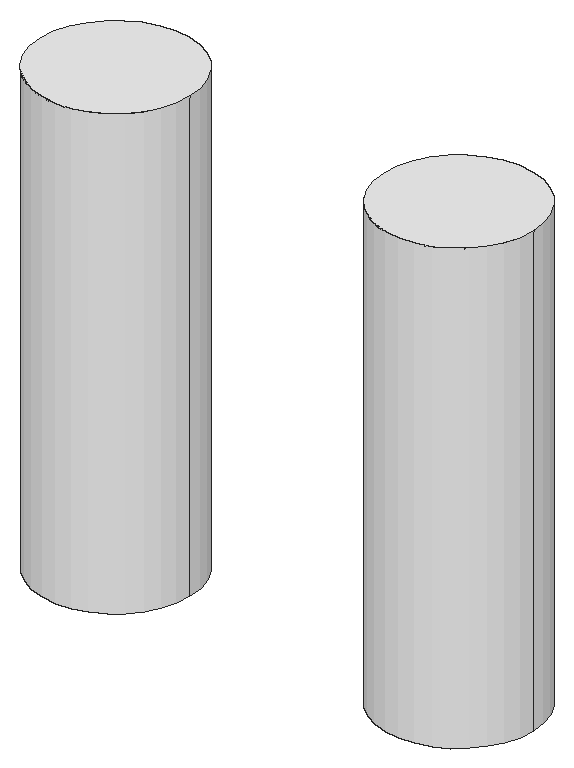
Revit family "45022283", category Plumbing Fixtures, Revit 2020
Family settings
  Round Connector Dimension = Use Diameter
  Part Type = Normal
  OmniClass Number = 23.45.55.00
  OmniClass Title = Sanitary Faucets, Wastes
  Work Plane-Based = No
  Always vertical = Yes
  Cut with Voids When Loaded = No
  Shared = No
  Room Calculation Point = No
Parameters (values of type "45022283 Washbasin faucet")
  Working Pressure = "50 - 1000 kPa"
  WarrantyStartDate [instance] = "n/a"
  WarrantyGuarantorParts = "n/a"
  WarrantyGuarantorLabor = "n/a"
  WarrantyDurationUnit = "Year"
  WarrantyDurationParts = "n/a"
  WarrantyDurationLabor = "n/a"
  WarrantyDescription = "http://warranty.hansa.com"
  Warranty Information URL = "http://warranty.hansa.com"
  VersionDate = "01/06/2023"
  Version = "1"
  ValvePattern = "n/a"
  ValveOperation = "n/a"
  ValveMechanism = "n/a"
  Uniclass2015Reference = "Pr_40_20_87_96"
  Uniclass2015Description = "Washbasin manual water supply sets"
  Uniclass2 = "Pr_40_30_96_96"
  URL UWL = "http://static.hansa.com/UWL/45022283"
  URL REACH = "http://static.hansa.com/doc/reach"
  URL Materials Declaration = "http://www.hansa.com/fileadmin/resources/182271_45022283_materialsdeclaration.pdf"
  URL Environmental Product Declaration EPD = "http://www.hansa.com/fileadmin/resources/184523_EPD_Washbasin faucet.pdf"
  URL EcoLabel Declaration = "http://static.hansa.com/doc/EcoLabel"
  URL EU Packaging Declaration = "http://static.hansa.com/doc/packaging"
  URL Declaration of SCIP = "http://static.hansa.com/doc/SCIP"
  URL Declaration of Conformity = "http://static.hansa.com/DoC/45022283"
  URL Declaration of Asbestos = "http://static.hansa.com/doc/asbestos"
  URL Declaration Of Performance (DOP) = "http://static.hansa.com/doc/DoP"
  URL ABP = "http://static.hansa.com/ABP/45022283"
  URL = ""
  UNSPSC Class Number = "30181700 Faucets or taps"
  TestPressure = "n/a"
  Temperature Adjustments = "Limitation option for maximum temperature and flow-rate ;Adjustable hot water stop (included, retrofittable)"
  Temperature = "Temperature limiter"
  Technical DataSheet URL = "http://www.hansa.com/datasheet/45022283/en"
  TagNumber [instance] = "n/a"
  SustainabilityPerformance = "n/a"
  Surface treatment = "Chrome"
  Spout Type = "Fixed spout"
  Spout Projection = "115 mm"
  Spare-Part Information URL = "http://static.hansa.com/sp/45022283"
  Size = "50x155x165 mm"
  Shape = "Sculptured"
  SerialNumber [instance] = "n/a"
  Sales Package dimensions (LxWxH) = "380 x 180 x 74"
  Revision = "n/a"
  ReplacementCost = "n/a"
  ProductInformation = "n/a"
  Product URL = "http://static.hansa.com/45022283"
  Product Image URL = "http://static.hansa.com/image/45022283"
  Product Family = "HANSAPINTO XL"
  Product Code = "45022283"
  OperatingMechanismMaterial = "n/a"
  NominalWidth = 50 mm
  NominalHeight = 165.5 mm
  NominalDepth = 152.5 mm
  Noise Class = "I (ISO 3822)"
  Name_en = "45022283 Washbasin faucet"
  Name = "45022283 Washbasin faucet"
  NBSReference = "45-35-70/371"
  NBSDescription = "Water supply fittings for wash basins and troughs"
  Mounting Holes = "1 hole"
  ModelReference = "45022283"
  ModelNumber = "n/a"
  Model = "45022283 Washbasin faucet"
  Mobile Product Information URL = "http://mpi.hansa.com/45022283"
  Mechanical Parts = "ø 40 mm ceramic cartridge for flow and temperature control"
  Max. Hot Water Supply = 70 °C
  Material = "Brass"
  Market = "Austria;Belgium;Czech Republic;Germany;Spain;France;International;Italy;Netherlands;Slovakia"
  ManufacturerURL = "http://www.hansa.com"
  ManufacturerName = "HANSA"
  Manufacturer = "HANSA"
  Lever Handle = "Hot/Cold symbols;Single operating lever/handle"
  Interactive AR View URL = "https://static.hansa.com/AR/45022283"
  InstallationDate [instance] = "n/a"
  Installation and Maintenance Guide URL = "http://static.hansa.com/manual/45022283"
  Installation Type = "Deck mounted"
  InletConnectionSize = 10 mm
  IfcExportType = "FAUCET"  # constant formula
  IfcExportAs = "IfcValveType"  # constant formula
  Group = "Washbasin faucet"
  Grade = "n/a"
  FlowCoefficient = 0
  Flow Rate At 300kPa With Flow Controller = 0.1 L/s
  Flow Drawing URL = "http://static.hansa.com/flowchart/45022283"
  Finish = "Polished"
  Features = "Single-lever"
  FaucetMainMaterial = Brass
  FDV Document URL = "http://www.hansa.com/datasheet/45022283/en/fdv"
  ExpectedLife = "n/a"
  Excluded Items = "Without pop-up waste;Without draw-rod opening"
  ETIM Class Number = "EC011328 Washbasin mixing tap"
  EN Standard = "EN 817"
  EAN Number = "4057304003073"
  DurationUnit = "Year"
  Dimension Drawing URL = "http://static.hansa.com/dimdrw/45022283"
  Description = ""
  DefaultElevation [instance] = 900 mm
  Default Elevation = 0 mm
  Constituents = "n/a"
  Connection Size = "G3/8"
  Connection = "Flexible inlet pipes"
  Color = "Chrome"
  CodePerformance = "n/a"
  CloseOffRating = 0
  Category = "Washbasin"
  Catalog Drawing URL = "http://static.hansa.com/catdrw/45022283"
  CO2 Emissions (D) = -5.3
  CO2 Emissions (C4) = 0.06
  CO2 Emissions (C3) = 0.02
  CO2 Emissions (C2) = 0.01
  CO2 Emissions (B7) = 1854
  CO2 Emissions (A4) = 0.21
  CO2 Emissions (A1-A3) = 7.46
  Brand = "HANSA"
  BodyMaterial = "Brass"
  Barcode [instance] = "n/a"
  Backflow Prevention EN1717 = "AA"
  BIMObjectName = "45022283"
  Author = "BIMStone"
  AssetType = "Fixed"
  AssetIdentifier [instance] = "n/a"
  Approval ABP = "P-IX 29684/IA"
  Ambience photo = "http://static.hansa.com/ambience/45022283"
  Aerator = "PCA® - constant flow rate regardless of pressure variations;Standard aerator"
  Advanced Features = "3S-installation system for safe and simple mounting;Inner body made of DZR brass"
  Additional Features = "grease without Silicon"
  AccessibilityPerformance = "n/a"
  3D View = "https://static.hansa.com/AR/45022283"
  2D/3D/BIM Files URL = "http://static.hansa.com/bim/45022283"
Reference planes
  plane 1 "Center (Front/Back)": y = 0
  plane 2: z = 0
  plane 3 "Center (Left/Right)": x = 0
  plane 4: x = -25
  plane 5: z = 900
  plane 6: z = 870
  plane 7: y = -152.5
  plane 8: x = 25
  plane 9: z = 1065.5
Forms (mm)
  Extrusion 1, solid, material "Brass" <- "FaucetMainMaterial"
    sketch origin (-44.989, 11.178, 0) x (1, 0, 0) y (0, 1, 0)
      loop
        circle (33.489, -36) r 5
      loop
        circle (56.489, -36) r 5
    from 870 to 900
Dimensions and locks
  "DefaultElevation": plane 5 to level
  locked: plane 5 to plane 6 at 30
  "NominalDepth": plane 7 to plane 1 "Center (Front/Back)"
  "NominalHeight": plane 9 to plane 5
  equal spacing: plane 4, plane 3 "Center (Left/Right)", plane 8
  "NominalWidth": plane 4 to plane 8
  "InletConnectionSize": diameter of Extrusion 1 sketch curve  (x2)
  aligned and locked: level to plane 2
  aligned and locked: plane 5 to Extrusion 1
  aligned and locked: Extrusion 1 to plane 6
  aligned and locked: nested 2 to plane 5
Automatic sketch dimensions
  Extrusion 1 sketch curve to plane 3 "Center (Left/Right)" = 11.5 mm
  plane 3 "Center (Left/Right)" to Extrusion 1 sketch curve = 11.5 mm
  plane 1 "Center (Front/Back)" to Extrusion 1 sketch curve = 24.822 mm  (x2)
Nested families
  nested 1: "Symbol" at (0, 0, 0), type "Symbol", detail levels coarse
  nested 2: "45022283_p" at (0, 0, 900), Material <- "FaucetMainMaterial", type "45022283_p"
    with Material Brass
Connectors
  piping at (-11.5, -24.822, 870), diameter 10, driven by "InletConnectionSize"
    settings: on Extrusion 1, index 1, connector inside diameter 609.6 mm, connector length 0 mm, flow factor 0, pipe flow 0.1 L/s, pressure drop 0.0 Pa, fitting loss kfactor 0, connector angle 0.00°, fixture units 0, engagement length 0 mm, angle of deflection 0.00°, flow configuration 1, flow direction 1, fitting loss method 0, system type 19, joint type 0, gender type 0, connector reference index -1, connector utility 0, adjustable connector no, is connector primary yes, connector description ""
  piping at (11.5, -24.822, 870), diameter 10, driven by "InletConnectionSize"
    settings: on Extrusion 1, index 2, connector inside diameter 609.6 mm, connector length 0 mm, flow factor 0, pipe flow 0.1 L/s, pressure drop 0.0 Pa, fitting loss kfactor 0, connector angle 0.00°, fixture units 0, engagement length 0 mm, angle of deflection 0.00°, flow configuration 1, flow direction 1, fitting loss method 0, system type 20, joint type 0, gender type 0, connector reference index -1, connector utility 0, adjustable connector no, is connector primary no, connector description ""
Definition of nested family "Symbol"
  Reference planes
    plane 1: y = 0
    plane 2: x = 0
  Lines and regions (mm)
    detail lines
      curve 1: line (0, 0, 0) -> (0, -1.8, 0)
      curve 2: line (-0.4, -1.1, 0) -> (0.4, -1.1, 0)
      curve 3: line (-0.4, -1.4, 0) -> (0.4, -1.4, 0)
      curve 4: line (0.863, 0, 0) -> (-0.863, 0, 0)
      curve 5: circle (-1.163, 0, 0) r 0.3 normal (0, 0, -1)
      curve 6: circle (1.163, 0, 0) r 0.3 normal (0, 0, 1)
